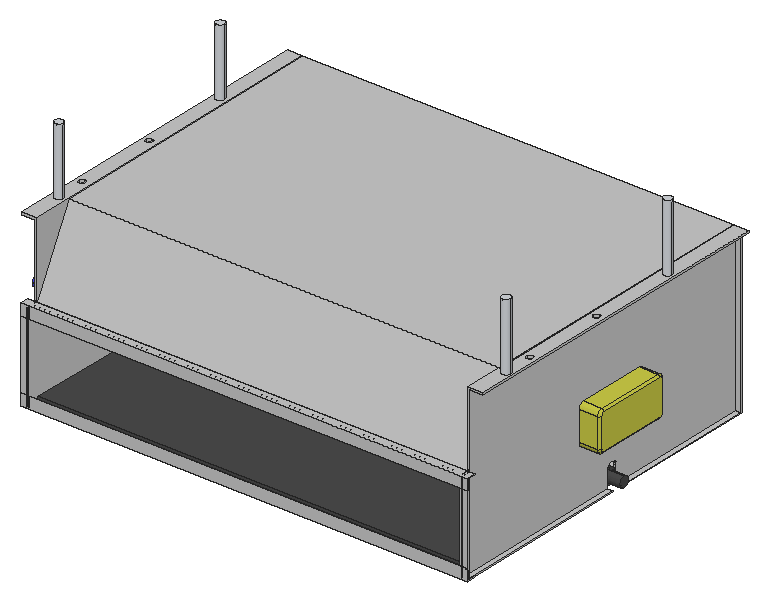
Revit family "Hitachi_RPIW-M-4-Pipes_LOD400", category Mechanical Equipment, Revit 2018
Family settings
  Round Connector Dimension = Use Diameter
  Part Type = Normal
  Work Plane-Based = No
  Always vertical = Yes
  Cut with Voids When Loaded = No
  Shared = No
  Room Calculation Point = Yes
Parameters (values of type "RPIW 134-M")
  hook = 12.7 mm
  data = "CRSLeCRSLECM_R0"  # constant formula
  Width [instance] = 689 mm
  Waste Water = 15 mm  # constant formula
  Voltage = 230 V  # constant formula
  URL = ""
  Speed Selection [instance] = if(Speed MIN, 1, if(Speed MED, 2, if(Speed MAX, 3, 1)))  # 2
  Speed MIN [instance] = no
  Speed MED [instance] = yes
  Speed MAX [instance] = no
  Show Service Space [instance] = no
  Service Space = 500 mm  # constant formula
  Manufacturer = "Hitachi Air Conditioning Europe SAS"  # constant formula
  Product Line = "RPIW-M"  # constant formula
  Plenum Code [instance] = 9069191
  Pipe Diam. = 1" / 2  # 1/2"
  Phase = 1  # constant formula
  Model = "RPIW-M"
  Height [instance] = 248 mm  # constant formula
  Heating/Cooling [instance] = no
  Heating Water Flow [instance] = 0.0 L/s
  Heating [instance] = if([2 Pipe], [Heating/Cooling], [2 Pipe])  # no
  Engine Absorption [instance] = 45 W
  E [instance] = Width - 44 mm  # 645 mm
  Distance Host [instance] = 100 mm
  Description = "Fan Coil Unit - RPIW-M"  # constant formula
  Depth [instance] = 511 mm
  DP Heating [instance] = 6815.63 Pa
  DP Cooling [instance] = 17420.1 Pa
  Cooling Water Flow = 0.0 L/s
  Cooling [instance] = if([2 Pipe], not([Heating/Cooling]), [4 Pipes])  # yes
  Available Pressure [instance] = 50.0 Pa
  Air Flow [instance] = 80.5556 L/s
  4 Pipes [instance] = not([2 Pipe])  # yes
  2 Pipe [instance] = no
Types (7, lengths in mm): name | Width | Plenum Code | Engine Absorption | E | DP Heating | DP Cooling | Air Flow
  RPIW 734-M | 1549 | 9069196 | 125 W | 1505 | 13656.3 Pa | 16406.3 Pa | 311.111 L/s
  RPIW 634-M | 1334 | 9069195 | 110 W | 1290 | 7391.51 Pa | 26744.9 Pa | 225.0 L/s
  RPIW 534-M | 1119 | 9066369 | 96 W | 1075 | 6733.87 Pa | 15662.1 Pa | 200.0 L/s
  RPIW 434-M | 1549 | 9069196 | 177 W | 1505 | 15789.2 Pa | 18845.8 Pa | 352.778 L/s
  RPIW 334-M | 1119 | 9066369 | 122 W | 1075 | 8178.42 Pa | 19379.1 Pa | 236.111 L/s
  RPIW 234-M | 904 | 9069222 | 87 W | 860 | 4334.15 Pa | 17653.0 Pa | 159.722 L/s
  RPIW 134-M | 689 | 9069191 | 45 W | 645 | 6815.63 Pa | 17420.1 Pa | 80.5556 L/s
Reference planes
  plane 1 "Centro (Fronte/Retro)": y = 0
  plane 2: z = 0
  plane 3 "Centro (Sinistra/Destra)": x = 0
  plane 4 "Sx": x = -344.5
  plane 5 "Dx": x = 344.5
  plane 6 "Back": y = 255.5
  plane 7 "Front": y = -255.5
  plane 8 "Sx attach": x = -349.5
  plane 9 "Dx Eolectical": x = 364.5
  plane 10 "Top": z = -100
  plane 11 "Down": z = -348
  plane 12 "Sx Service Space": x = -844.5
  plane 13 "Dx Service Space": x = 844.5
  plane 14 "Middle Machine": z = -224
  plane 15 "H": z = -335
  plane 16 "P": z = -311
  plane 17 "M": z = -269
  plane 18 "O": y = -193.5
  plane 19 "S": y = -208.5
  plane 20 "O1": z = -137
  plane 21 "R": z = -208
  plane 22: y = 23.5
  plane 23 "N": y = -11.5
  plane 24 "P1": y = -66.5
  plane 25 "T": z = -212
  plane 26 "Down Service Space": z = -848
  plane 27 "Back Service Space": y = 755.5
  plane 28 "Front Service Space": y = -755.5
  plane 29 "Base Attach": x = -324.5
Forms (mm)
  Extrusion 1, solid, material "Outlet"
    sketch origin (0, 0, 0) x (0, 1, 0) y (0, 0, 1)
      loop
        circle (-193.5, -137) r 6.35
    from -349.5 to -324.5
  Extrusion 2, solid, material "Outlet", visible <- "4 Pipes"
    sketch origin (0, 0, 0) x (0, 1, 0) y (0, 0, 1)
      loop
        circle (-208.5, -208) r 6.35
    from -349.5 to -324.5
  Extrusion 3, solid
    sketch origin (0, 0, 0) x (0, 1, 0) y (0, 0, 1)
      loop
        circle (23.5, -335) r 7.5
    from -349.5 to -344.5
  Extrusion 4, solid, material "Inlet"
    sketch origin (0, 0, 0) x (0, 1, 0) y (0, 0, 1)
      loop
        circle (-11.5, -269) r 6.35
    from -349.5 to -324.5
  Extrusion 5, solid, material "Inlet", visible <- "4 Pipes"
    sketch origin (0, 0, 0) x (0, 1, 0) y (0, 0, 1)
      loop
        circle (-66.5, -311) r 6.35
    from -349.5 to -324.5
  Extrusion 6, solid, not visible
    sketch origin (0, 0, 0) x (1, 0, 0) y (0, 0, 1)
      loop
        line (-322.5, -212) -> (-322.5, -331) -> (322.5, -331) -> (322.5, -212) -> (-322.5, -212)
    from -23.5 to 255.5
  Extrusion 7, solid, not visible
    sketch origin (0, 0, 0) x (1, 0, 0) y (0, 0, 1)
      loop
        line (-344.5, -100) -> (-344.5, -348) -> (344.5, -348) -> (344.5, -100) -> (-344.5, -100)
    from -255.5 to 0
  Extrusion 8, solid
    sketch origin (0, 0, 0) x (1, 0, 0) y (0, 1, 0)
      loop
        circle (334.5, 117.5) r 6.35
      loop
        circle (334.5, -184.5) r 6.35
      loop
        circle (-334.5, 117.5) r 6.35
      loop
        circle (-334.5, -184.5) r 6.35
    from -100 to 0
Dimensions and locks
  "Distance Host": level to plane 10 "Top"
  "Height": plane 10 "Top" to plane 11 "Down"
  equal spacing: plane 4 "Sx", plane 3 "Centro (Sinistra/Destra)", plane 5 "Dx"
  equal spacing: plane 6 "Back", plane 1 "Centro (Fronte/Retro)", plane 7 "Front"
  "Width": plane 4 "Sx" to plane 5 "Dx"
  "Depth": plane 7 "Front" to plane 6 "Back"
  locked: plane 8 "Sx attach" to plane 4 "Sx" at 5
  locked: plane 5 "Dx" to plane 9 "Dx Eolectical" at 20
  "Service Space": plane 12 "Sx Service Space" to plane 4 "Sx"
  "Service Space": plane 5 "Dx" to plane 13 "Dx Service Space"
  equal spacing: plane 10 "Top", plane 14 "Middle Machine", plane 11 "Down"
  locked: plane 10 "Top" to plane 15 "H" at 235
  locked: plane 10 "Top" to plane 16 "P" at 211
  locked: plane 10 "Top" to plane 17 "M" at 169
  locked: plane 6 "Back" to plane 19 "S" at 464
  locked: plane 6 "Back" to plane 18 "O" at 449
  locked: plane 10 "Top" to plane 21 "R" at 108
  locked: plane 10 "Top" to plane 20 "O1" at 37
  locked: plane 6 "Back" to plane 22 at 232
  locked: plane 6 "Back" to plane 23 "N" at 267
  locked: plane 6 "Back" to plane 24 "P1" at 322
  "Service Space": plane 11 "Down" to plane 26 "Down Service Space"
  nested 1 to plane 5 "Dx" = 344.5 mm
  "Service Space": plane 28 "Front Service Space" to plane 7 "Front"
  "Service Space": plane 27 "Back Service Space" to plane 6 "Back"
  equal spacing: Extrusion 6 sketch curve, plane 3 "Centro (Sinistra/Destra)", Extrusion 6 sketch curve
  "E": Extrusion 6 sketch curve to Extrusion 6 sketch curve
  locked: Extrusion 6 sketch curve to Extrusion 6 sketch curve at 119
  locked: Extrusion 6 sketch curve to plane 11 "Down" at 17
  locked: plane 29 "Base Attach" to plane 4 "Sx" at 20
  "Pipe Diam.": diameter of Extrusion 1 sketch curve
  "Pipe Diam.": diameter of Extrusion 2 sketch curve
  "Waste Water": diameter of Extrusion 3 sketch curve
  "Pipe Diam.": diameter of Extrusion 4 sketch curve
  "Pipe Diam.": diameter of Extrusion 5 sketch curve
  "hook": diameter of Extrusion 8 sketch curve  (x4)
  aligned and locked: level to plane 2
  aligned and locked: plane 18 "O" to Extrusion 1 sketch curve
  aligned and locked: Extrusion 1 sketch curve to plane 20 "O1"
  aligned and locked: plane 19 "S" to Extrusion 2 sketch curve
  aligned and locked: plane 21 "R" to Extrusion 2 sketch curve
  aligned and locked: plane 22 to Extrusion 3 sketch curve
  aligned and locked: plane 15 "H" to Extrusion 3 sketch curve
  aligned and locked: plane 23 "N" to Extrusion 4 sketch curve
  aligned and locked: plane 17 "M" to Extrusion 4 sketch curve
  aligned and locked: plane 24 "P1" to Extrusion 5 sketch curve
  aligned and locked: plane 16 "P" to Extrusion 5 sketch curve
  aligned and locked: Extrusion 1 to plane 8 "Sx attach"
  aligned and locked: Extrusion 2 to plane 8 "Sx attach"
  aligned and locked: Extrusion 4 to plane 8 "Sx attach"
  aligned and locked: Extrusion 5 to plane 8 "Sx attach"
  aligned and locked: plane 8 "Sx attach" to Extrusion 3
  aligned and locked: Extrusion 3 to plane 4 "Sx"
  aligned and locked: plane 12 "Sx Service Space" to nested 1
  aligned and locked: nested 1 to plane 13 "Dx Service Space"
  aligned and locked: plane 28 "Front Service Space" to nested 1
  aligned and locked: plane 27 "Back Service Space" to nested 1
  aligned and locked: nested 1 to plane 26 "Down Service Space"
  aligned and locked: plane 2 to nested 1
  aligned and locked: nested 2 to plane 10 "Top"
  aligned and locked: plane 6 "Back" to nested 2
  aligned and locked: nested 1 to nested 2
  aligned and locked: plane 5 "Dx" to nested 3
  aligned and locked: nested 1 to nested 3
  aligned and locked: plane 14 "Middle Machine" to nested 3
  aligned and locked: Extrusion 2 to Extrusion 1
  aligned and locked: Extrusion 4 to Extrusion 1
  aligned and locked: Extrusion 5 to Extrusion 2
  aligned and locked: Extrusion 6 to plane 22
  aligned and locked: Extrusion 6 to plane 7 "Front"
  aligned and locked: Extrusion 7 sketch curve to plane 10 "Top"
  aligned and locked: Extrusion 7 sketch curve to plane 11 "Down"
  aligned and locked: plane 5 "Dx" to Extrusion 7 sketch curve
  aligned and locked: Extrusion 7 sketch curve to plane 4 "Sx"
  aligned and locked: plane 1 "Centro (Fronte/Retro)" to Extrusion 7
  aligned and locked: plane 6 "Back" to Extrusion 7
  aligned and locked: Extrusion 3 to Extrusion 4
  aligned and locked: Extrusion 4 to Extrusion 5
  aligned and locked: Extrusion 1 to Extrusion 2
  aligned and locked: plane 29 "Base Attach" to Extrusion 1
  aligned and locked: nested 2 to Extrusion 8 sketch curve  (x8)
  aligned and locked: Extrusion 8 to plane 10 "Top"
  aligned and locked: level to Extrusion 8
Nested families
  nested 1: "ServiceSpace_O" at (0, 0, 0), visible <- "Show Service Space", type "ServiceSpace_O"
    with lenght 1689 mm, height 848 mm, depht 1511 mm
  nested 2: "Interior" at (0, 255.5, -280) x (1, 0, 0) z (0, -1, 0), D interior <- "Width", type "Geometry"
    with U Or T interior 112 mm, Height - H int 511 mm, H1 232 mm, H 235 mm, G interior 248 mm, F interior 669 mm, E interior 645 mm, D interior 689 mm
  nested 3: "Presa" at (359.5, 0, -224), type "Presa"
    with raggio 8 mm, Spessore 30 mm, Larghezza 120 mm, Altezza 60 mm
Connectors
  electrical at (374.5, 0, -224), driven by "Phase", driven by "Voltage", driven by "Engine Absorption"
    settings: on nested 3, index 1, voltage 230 V, apparent load 45 VA, apparent load phase1 0 VA, apparent load phase2 0 VA, apparent load phase3 0 VA, power factor 1, load classification "Riscaldamento, ventilazione e aria condizionata (HVAC)", number of poles 1, system type 30, power factor state 1, is connector primary yes, connector utility no, sub classification motor no, connector description ""
  hvac at (0, -255.5, -271.5), driven by "E", driven by "Air Flow"
    settings: on Extrusion 6, index 2, duct flow 80.5556 L/s, flow factor 0, pres drop 0.0 Pa, loss coef 0, conn angle 0.00°, conn width 645 mm, conn height 119 mm, conn diameter 609.6 mm, duct sys type 1, conn prof type 1, flow config 1, flow direction 2, loss method 0, conn ref index -1, conn util no, is conn primary yes, conn desc "Supply Air Flow"
  hvac at (0, 255.5, -224), driven by "E", driven by "Height"
    settings: on Extrusion 7, index 3, duct flow 0.0 L/s, flow factor 0, pres drop 0.0 Pa, loss coef 0, conn angle 0.00°, conn width 645 mm, conn height 248 mm, conn diameter 609.6 mm, duct sys type 3, conn prof type 1, flow config 2, flow direction 1, loss method 0, conn ref index -1, conn util no, is conn primary no, conn desc "Fresh Air Flow"
  piping at (-349.5, -208.5, -208), diameter 12.7, driven by "Pipe Diam.", driven by "Heating Water Flow", driven by "DP Heating"
    settings: on Extrusion 2, index 4, connector inside diameter 24", connector length 0 mm, flow factor 0, pipe flow 0.0 L/s, pressure drop 6815.63 Pa, fitting loss kfactor 0, connector angle 0.00°, fixture units 0, engagement length 0 mm, angle of deflection 0.00°, flow configuration 1, flow direction 2, fitting loss method 4, system type 8, joint type 0, gender type 0, connector reference index 7, connector utility 0, adjustable connector no, is connector primary no, connector description "Hydronic Retunr Heating"
  piping at (-349.5, -193.5, -137), diameter 12.7, driven by "Pipe Diam.", driven by "Cooling Water Flow", driven by "DP Cooling"
    settings: on Extrusion 1, index 5, connector inside diameter 24", connector length 0 mm, flow factor 0, pipe flow 0.0 L/s, pressure drop 17420.1 Pa, fitting loss kfactor 0, connector angle 0.00°, fixture units 0, engagement length 0 mm, angle of deflection 0.00°, flow configuration 1, flow direction 2, fitting loss method 4, system type 8, joint type 0, gender type 0, connector reference index 6, connector utility 0, adjustable connector no, is connector primary no, connector description "Hydronic Return Cooling"
  piping at (-349.5, -11.5, -269), diameter 12.7, driven by "Pipe Diam.", driven by "Cooling Water Flow"
    settings: on Extrusion 4, index 6, connector inside diameter 24", connector length 0 mm, flow factor 0, pipe flow 0.0 L/s, pressure drop 0.0 Pa, fitting loss kfactor 0, connector angle 0.00°, fixture units 0, engagement length 0 mm, angle of deflection 0.00°, flow configuration 1, flow direction 1, fitting loss method 0, system type 7, joint type 0, gender type 0, connector reference index 5, connector utility 0, adjustable connector no, is connector primary yes, connector description "Hydronic Supply Cooling"
  piping at (-349.5, -66.5, -311), diameter 12.7, driven by "Pipe Diam.", driven by "Heating Water Flow"
    settings: on Extrusion 5, index 7, connector inside diameter 24", connector length 0 mm, flow factor 0, pipe flow 0.0 L/s, pressure drop 0.0 Pa, fitting loss kfactor 0, connector angle 0.00°, fixture units 0, engagement length 0 mm, angle of deflection 0.00°, flow configuration 1, flow direction 1, fitting loss method 4, system type 7, joint type 0, gender type 0, connector reference index 4, connector utility 0, adjustable connector no, is connector primary no, connector description "Hydronic Supply Heating"
  piping at (-349.5, 23.5, -335), diameter 15, driven by "Waste Water"
    settings: on Extrusion 3, index 8, connector inside diameter 24", connector length 0 mm, flow factor 0, pipe flow 0.0 L/s, pressure drop 0.0 Pa, fitting loss kfactor 0, connector angle 0.00°, fixture units 0, engagement length 0 mm, angle of deflection 0.00°, flow configuration 3, flow direction 2, fitting loss method 0, system type 16, joint type 0, gender type 0, connector reference index -1, connector utility 0, adjustable connector no, is connector primary no, connector description "Condensate Drain"
Definition of nested family "ServiceSpace_O"
  Parameters (values of type "ServiceSpace_O")
    lenght [instance] = 2000 mm
    height [instance] = 500 mm
    depht [instance] = 2000 mm
    ServiceSpace = none
  Reference planes
    plane 1 "Centro (Fronte/Retro)": y = 0
    plane 2: z = 0
    plane 3 "Centro (Sinistra/Destra)": x = 0
    plane 4: x = -1000
    plane 5: x = 1000
    plane 6: y = 1000
    plane 7: y = -1000
    plane 8: z = -500
  Forms (mm)
    Extrusion 1, solid, material <- "ServiceSpace"
      sketch origin (0, 0, 0) x (1, 0, 0) y (0, 1, 0)
        loop
          line (-1000, 1000) -> (-1000, -1000) -> (1000, -1000) -> (1000, 1000) -> (-1000, 1000)
      from -500 to 0
  Dimensions and locks
    equal spacing: plane 6, plane 1 "Centro (Fronte/Retro)", plane 7
    "depht": plane 6 to plane 7
    equal spacing: plane 4, plane 3 "Centro (Sinistra/Destra)", plane 5
    "lenght": plane 4 to plane 5
    "height": plane 2 to plane 8
    aligned and locked: level to plane 2
    aligned and locked: Extrusion 1 to plane 4
    aligned and locked: plane 6 to Extrusion 1
    aligned and locked: Extrusion 1 to plane 5
    aligned and locked: plane 7 to Extrusion 1
    aligned and locked: plane 2 to Extrusion 1
    aligned and locked: plane 8 to Extrusion 1
    aligned and locked: level to Extrusion 1
  Automatic sketch dimensions
    plane 4 to Extrusion 1 sketch curve = 0 mm
    plane 5 to Extrusion 1 sketch curve = 0 mm
    plane 1 "Centro (Fronte/Retro)" to Extrusion 1 sketch curve = 1000 mm
    Extrusion 1 sketch curve to plane 6 = 0 mm
Definition of nested family "Interior"
  Parameters (values of type "Geometry")
    spessore = 3 mm
    taglio dietro H = 15 mm  # constant formula
    material plastic = none
    r = 5 mm
    material metal = none
    U Or T interior [instance] = 55 mm
    Height - H int [instance] = 511 mm
    H1 [instance] = 230 mm
    H [instance] = 205 mm
    F interior [instance] = D interior - ((D interior - E interior) / 2) + 2 mm  # 669 mm
    E interior [instance] = D interior - 44 mm  # 645 mm
    G interior [instance] = 218 mm
    D interior [instance] = 689 mm
  Reference planes
    plane 1 "Centro (Fronte/Retro)": y = 0
    plane 2: z = 0
    plane 3 "Centro (Sinistra/Destra)": x = 0
    plane 4 "Edx": x = 322.5
    plane 5 "Esx": x = -322.5
    plane 6: y = -81.5
    plane 7: y = 136.5
    plane 8 "Ddx": x = 344.5
    plane 9 "Dsx": x = -344.5
    plane 10 "top": z = 511
    plane 11 "retro-bocca mandata": y = 81.5
    plane 12 "top-abbassamento": z = 496
    plane 13: z = 506.371
    plane 14: z = 440
    plane 15: z = 396
    plane 16: z = 271
    plane 17: z = 138
    plane 18 "Fsx": x = -334.5
    plane 19 "Fdx": x = 334.5
    plane 20 "pianoscarico": z = 220
    plane 21: z = 10
    plane 22: y = -74.5
    plane 23: z = 230
    plane 24: y = -68.5
  Forms (mm)
    Extrusion 1, solid, material <- "material metal", detail levels fine
      sketch origin (0, 0, 0) x (1, 0, 0) y (0, 1, 0)
        loop
          line (344.5, 136.5) -> (322.5, 136.5) -> (322.5, -81.5) -> (325.5, -81.5) -> (325.5, 133.5) -> (344.5, 133.5) -> (344.5, 136.5)
        loop
          line (-344.5, 136.5) -> (-344.5, 133.5) -> (-325.5, 133.5) -> (-325.5, -81.5) -> (-322.5, -81.5) -> (-322.5, 136.5) -> (-344.5, 136.5)
      from 0 to 511
    Extrusion 2, void
      sketch origin (0, 0, 0) x (0, 1, 0) y (0, 0, 1)
        loop
          line (81.5, 511) -> (81.5, 496) -> (136.5, 496) -> (136.5, 511) -> (81.5, 511)
      from -344.5 to 344.5
    Extrusion 3, void
      sketch origin (0, 0, 0) x (1, 0, 0) y (0, 0, 1)
        loop
          circle (-334.5, 440) r 5
        loop
          circle (-334.5, 396) r 5
        loop
          circle (-334.5, 271) r 5
        loop
          circle (-334.5, 138) r 5
        loop
          circle (334.5, 440) r 5
        loop
          circle (334.5, 396) r 5
        loop
          circle (334.5, 271) r 5
        loop
          circle (334.5, 138) r 5
      from -136.5 to 81.5
    Sweep 4, solid, material <- "material metal", detail levels fine
      path origin (12.953, -69.154, 511) x (-1, 0, 0) y (0, -1, 0)
        loop
          line (347.453, 12.346) -> (-321.547, 12.346)
      profile origin (0, -81.5, 511) x (0, 1, 0) y (0, 0, 1)
        loop
          line (16, 0) -> (16, 1) -> (-1, 1) -> (-1, -13) -> (0, -13) -> (0, 0) -> (16, 0)
    Sweep 5, solid, material <- "material metal", detail levels fine
      path origin (12.953, -37.302, 511) x (-1, 0, 0) y (0, 1, 0)
        loop
          line (347.453, 118.802) -> (-321.547, 118.802)
      profile origin (0, 81.5, 511) x (0, 1, 0) y (0, 0, 1)
        loop
          line (-16, 0) -> (0, 0) -> (0, -13) -> (1, -13) -> (1, 1) -> (-16, 1) -> (-16, 0)
    Sweep 6, solid, material <- "material metal", detail levels fine
      path origin (0, 0, 0) x (0, 1, 0) y (0, 0, 1)
        loop
          line (136.5, 0) -> (136.5, 466.756) -> (81.5, 496) -> (81.5, 506.371)
      profile origin (0, 136.5, 233.378) x (0, -1, 0) y (1, 0, 0)
        loop
          line (0, -322.5) -> (1, -322.5) -> (1, 322.5) -> (0, 322.5) -> (0, -322.5)
    Sweep 7, solid, material <- "material metal", detail levels fine
      path in 3D
        loop
          line (325.5, 133.5, 0) -> (325.5, -81.5, 0) -> (325.5, -81.5, 511) -> (325.5, 81.5, 511)
      profile origin (325.5, 0, 511) x (-1, 0, 0) y (0, 0, 1)
        loop
          line (0, 0) -> (-9, 0) -> (-9, -1) -> (0, -1) -> (0, 0)
    Sweep 8, solid, material <- "material metal", detail levels fine
      path in 3D
        loop
          line (-325.5, 81.5, 511) -> (-325.5, -81.5, 511) -> (-325.5, -81.5, 0) -> (-325.5, 133.5, 0)
      profile origin (-325.5, 0, 511) x (1, 0, 0) y (0, 0, 1)
        loop
          line (0, 0) -> (-9, 0) -> (-9, -1) -> (0, -1) -> (0, 0)
    Sweep 9, solid, material <- "material metal", detail levels fine
      path origin (0, 0, 0) x (0, 1, 0) y (0, 0, 1)
        loop
          line (-66.5, 10) -> (-81.5, 10) -> (-81.5, 220) -> (-66.5, 220)
      profile origin (0, -81.5, 115) x (0, -1, 0) y (1, 0, 0)
        loop
          line (0, -322.5) -> (0, 322.5) -> (-1, 322.5) -> (-1, -322.5) -> (0, -322.5)
    Extrusion 10, solid, material <- "material plastic", detail levels fine
      sketch origin (0, 0, 0) x (0, 1, 0) y (0, 0, 1)
        loop
          circle (-68.5, 230) r 7.5
      from -344.5 to 344.5
    Sweep 11, solid, material <- "material plastic", detail levels fine
      path origin (0, 0, 0) x (0, 1, 0) y (0, 0, 1)
        loop
          line (-71.836, 496) -> (-76.334, 230.133)
          arc (-76.334, 230.133) -> (-68.633, 222.166) -> (-60.666, 229.867) r 7.835
      profile origin (0, -74.085, 363.066) x (0, 0.999857, -0.016916) y (1, 0, 0)
        loop
          line (-3.277, -322.5) -> (0, -322.5) -> (0, 322.5) -> (-3.277, 322.5) -> (-3.277, -322.5)
    Extrusion 12, void
      sketch origin (0, 0, 0) x (0, 1, 0) y (0, 0, 1)
        loop
          line (-81.5, 238.376) -> (-81.5, 221.624) -> (-55.5, 221.624)
          arc (-55.5, 221.624) -> (-47.124, 230) -> (-55.5, 238.376) r 8.376
          line (-55.5, 238.376) -> (-81.5, 238.376)
      from -344.5 to 344.5
    Extrusion 13, solid, detail levels coarse+medium
      sketch origin (0, 0, 0) x (1, 0, 0) y (0, 1, 0)
        loop
          line (-344.5, 136.5) -> (-344.5, -81.5) -> (344.5, -81.5) -> (344.5, 136.5) -> (-344.5, 136.5)
      from 0 to 511
  Cuts and joins
    Extrusion 2, Extrusion 3, Extrusion 12 cuts Extrusion 1
    joined: Extrusion 10, Sweep 11
    Extrusion 12 cuts Sweep 7
    Extrusion 12 cuts Sweep 8
  Lines and regions (mm)
    sketch lines
      curve 1: line (325.5, -81.5, 511) -> (325.5, 81.5, 511)
      curve 2: line (325.5, -81.5, 511) -> (325.5, -81.5, 0)
      curve 3: line (325.5, 133.5, 0) -> (325.5, -81.5, 0)
      curve 4: line (-325.5, 81.5, 511) -> (-325.5, -81.5, 511)
      curve 5: line (-325.5, -81.5, 511) -> (-325.5, -81.5, 0)
      curve 6: line (-325.5, -81.5, 0) -> (-325.5, 133.5, 0)
  Dimensions and locks
    equal spacing: plane 18 "Fsx", plane 3 "Centro (Sinistra/Destra)", plane 19 "Fdx"
    "F interior": plane 18 "Fsx" to plane 19 "Fdx"
    "spessore": Extrusion 1 sketch curve to plane 7  (x2)
    "spessore": plane 4 "Edx" to Extrusion 1 sketch curve
    "spessore": Extrusion 1 sketch curve to plane 5 "Esx"
    "Height - H int": plane 10 "top" to level
    "taglio dietro H": plane 10 "top" to plane 12 "top-abbassamento"
    locked: plane 10 "top" to plane 13 at 4.629
    plane 10 "top" to plane 14 to plane 15 to plane 16 to plane 17 = 71 mm locked, 44 mm locked, 125 mm locked, 133 mm locked
    "D interior": plane 9 "Dsx" to plane 8 "Ddx"
    equal spacing: plane 9 "Dsx", plane 3 "Centro (Sinistra/Destra)", plane 8 "Ddx"
    equal spacing: plane 5 "Esx", plane 3 "Centro (Sinistra/Destra)", plane 4 "Edx"
    "E interior": plane 5 "Esx" to plane 4 "Edx"
    locked: Sweep 6 sketch curve to plane 7 at 1
    locked: profile plane to Sweep 7 sketch curve at 1
    locked: profile plane to Sweep 8 sketch curve at 1
    locked: plane 20 "pianoscarico" to level at 220
    plane 21 to level = 10 mm
    locked: plane 6 to Sweep 9 sketch curve at 15  (x2)
    locked: Sweep 9 sketch curve to plane 6 at 1
    locked: plane 6 to plane 22 at 7
    "H1": plane 23 to level
    "H": plane 24 to plane 7
    equal spacing: Extrusion 12 sketch curve, plane 23, Extrusion 12 sketch curve
    locked: Extrusion 12 sketch curve to Extrusion 12 sketch curve at 16.751
    equal spacing: Extrusion 12 sketch curve, plane 24, Extrusion 12 sketch curve
    equal spacing: plane 11 "retro-bocca mandata", plane 1 "Centro (Fronte/Retro)", plane 6
    "U Or T interior": plane 11 "retro-bocca mandata" to plane 7
    "G interior": plane 7 to plane 6
    locked: Sweep 11 sketch curve to Sweep 11 sketch curve at 3.277
    "r": radius of Extrusion 3 sketch curve  (x8)
    diameter of Extrusion 10 sketch curve = 15 mm
    locked: Sweep 6 sketch curve to plane 11 "retro-bocca mandata" (angle 118.00°)
    aligned and locked: level to plane 2
    aligned and locked: Extrusion 1 sketch curve to plane 7
    aligned and locked: Extrusion 1 sketch curve to plane 4 "Edx"
    aligned and locked: Extrusion 1 sketch curve to plane 5 "Esx"
    aligned and locked: plane 7 to Extrusion 1 sketch curve
    aligned and locked: Extrusion 1 sketch curve to plane 8 "Ddx"
    aligned and locked: Extrusion 1 sketch curve to plane 9 "Dsx"
    aligned and locked: plane 10 "top" to Extrusion 1
    aligned and locked: Extrusion 1 to level
    aligned and locked: Extrusion 2 sketch curve to plane 10 "top"
    aligned and locked: plane 11 "retro-bocca mandata" to Extrusion 2 sketch curve
    aligned and locked: plane 12 "top-abbassamento" to Extrusion 2 sketch curve
    aligned and locked: plane 7 to Extrusion 2 sketch curve
    aligned and locked: Extrusion 2 to plane 9 "Dsx"
    aligned and locked: plane 8 "Ddx" to Extrusion 2
    aligned and locked: plane 18 "Fsx" to Extrusion 3 sketch curve  (x4)
    aligned and locked: plane 14 to Extrusion 3 sketch curve
    aligned and locked: plane 15 to Extrusion 3 sketch curve
    aligned and locked: plane 16 to Extrusion 3 sketch curve
    aligned and locked: plane 17 to Extrusion 3 sketch curve
    aligned and locked: Extrusion 3 to plane 6
    aligned and locked: Extrusion 3 to plane 7
    aligned and locked: Sweep 5 sketch curve to plane 11 "retro-bocca mandata"
    aligned and locked: Sweep 6 sketch curve to plane 7
    aligned and locked: plane 11 "retro-bocca mandata" to Sweep 6 sketch curve
    aligned and locked: plane 13 to Sweep 6 sketch curve
    aligned and locked: level to Sweep 6 sketch curve
    aligned and locked: Sweep 6 sketch curve to profile plane
    aligned and locked: plane 5 "Esx" to Sweep 6 sketch curve
    aligned and locked: Sweep 6 sketch curve to plane 4 "Edx"
    aligned and locked: plane 19 "Fdx" to Sweep 5 sketch curve
    aligned and locked: plane 18 "Fsx" to Sweep 5 sketch curve
    aligned and locked: plane 18 "Fsx" to Sweep 4 sketch curve
    aligned and locked: plane 19 "Fdx" to Sweep 4 sketch curve
    aligned and locked: Sweep 4 sketch curve to plane 6
    aligned and locked: plane 6 to Extrusion 1 sketch curve
    aligned and locked: Extrusion 1 sketch curve to plane 6
    aligned and locked: profile plane to Sweep 7 sketch curve
    aligned and locked: Sweep 7 sketch curve to plane 19 "Fdx"
    aligned and locked: Sweep 7 sketch curve to profile plane
    aligned and locked: profile plane to Sweep 8 sketch curve
    aligned and locked: Sweep 8 sketch curve to profile plane
    aligned and locked: Sweep 8 sketch curve to plane 18 "Fsx"
    aligned and locked: Sweep 9 sketch curve to plane 20 "pianoscarico"
    aligned and locked: plane 6 to Sweep 9 sketch curve
    aligned and locked: plane 21 to Sweep 9 sketch curve
    aligned and locked: cut or joined group of Extrusion 1, Extrusion 2, Extrusion 3, Extrusion 12 to Sweep 9 sketch curve
    aligned and locked: Sweep 9 sketch curve to cut or joined group of Extrusion 1, Extrusion 2, Extrusion 3, Extrusion 12
    aligned and locked: plane 4 "Edx" to Sweep 9 sketch curve
    aligned and locked: Extrusion 10 to plane 9 "Dsx"
    aligned and locked: plane 8 "Ddx" to Extrusion 10
    aligned and locked: plane 12 "top-abbassamento" to Sweep 11 sketch curve
    aligned and locked: plane 5 "Esx" to Sweep 11 sketch curve
    aligned and locked: Sweep 11 sketch curve to plane 4 "Edx"
    aligned and locked: Extrusion 10 sketch curve to plane 23
    aligned and locked: plane 24 to Extrusion 10 sketch curve
    aligned and locked: Extrusion 12 to plane 9 "Dsx"
    aligned and locked: plane 8 "Ddx" to Extrusion 12
    aligned and locked: Extrusion 12 sketch curve to plane 6
    aligned and locked: plane 24 to Sweep 11 sketch curve
    aligned and locked: Sweep 11 sketch curve to plane 23
    aligned and locked: profile plane to Sweep 11 sketch curve
    aligned and locked: plane 7 to Extrusion 13 sketch curve
    aligned and locked: Extrusion 13 sketch curve to plane 8 "Ddx"
    aligned and locked: plane 6 to Extrusion 13 sketch curve
    aligned and locked: plane 9 "Dsx" to Extrusion 13 sketch curve
    aligned and locked: plane 10 "top" to Extrusion 13
    aligned and locked: Extrusion 13 to level
  Automatic sketch dimensions
    Sweep 6 sketch curve to plane 12 "top-abbassamento" = 0 mm
    Sweep 4 sketch curve to plane 10 "top" = 0 mm
    Sweep 4 sketch curve to profile plane = 0 mm
    profile plane to Sweep 4 sketch curve = 1 mm
    plane 10 "top" to Sweep 4 sketch curve = 1 mm
    Sweep 4 sketch curve to profile plane = 16 mm
    Sweep 4 sketch curve to plane 10 "top" = 13 mm
    Sweep 5 sketch curve to plane 10 "top" = 0 mm
    Sweep 5 sketch curve to profile plane = 0 mm
    plane 10 "top" to Sweep 5 sketch curve = 1 mm
    profile plane to Sweep 5 sketch curve = 16 mm
    Sweep 5 sketch curve to profile plane = 1 mm
    Sweep 5 sketch curve to plane 10 "top" = 13 mm
    plane 23 to Sweep 11 sketch curve = 0.133 mm
    Sweep 11 sketch curve to plane 22 = 1.834 mm
    Sweep 11 sketch curve to plane 23 = 0.133 mm
    Extrusion 3 sketch curve to plane 15 = 0 mm
    Extrusion 3 sketch curve to plane 19 "Fdx" = 0 mm  (x4)
    Extrusion 3 sketch curve to plane 16 = 0 mm
    Extrusion 3 sketch curve to plane 17 = 0 mm
    Extrusion 3 sketch curve to plane 14 = 0 mm
Definition of nested family "Presa"
  Parameters (values of type "Presa")
    raggio [instance] = 8 mm
    mat = none
    Spessore [instance] = 30 mm
    Larghezza [instance] = 120 mm
    Altezza [instance] = 60 mm
  Reference planes
    plane 1 "Centro (Fronte/Retro)": y = 0
    plane 2: z = 0
    plane 3 "Centro (Sinistra/Destra)": x = 0
    plane 4 "Appoggio": x = -15
    plane 5 "Davanti": x = 15
    plane 6 "back": y = 60
    plane 7 "Front": y = -60
    plane 8 "Top": z = 30
    plane 9 "Down": z = -30
  Forms (mm)
    Extrusion 1, solid, material <- "mat"
      sketch origin (-14.5, 0, 0) x (0, -1, 0) y (0, 0, -1)
        loop
          arc (-52, 30) -> (-57.657, 27.657) -> (-60, 22) r 8
          line (-60, 22) -> (-60, -22)
          arc (-60, -22) -> (-57.657, -27.657) -> (-52, -30) r 8
          line (-52, -30) -> (52, -30)
          arc (52, -30) -> (57.657, -27.657) -> (60, -22) r 8
          line (60, -22) -> (60, 22)
          arc (60, 22) -> (57.657, 27.657) -> (52, 30) r 8
          line (52, 30) -> (-52, 30)
      from -0.5 to 29.5
    Sweep 2, void
      path in 3D
        loop
          arc (15, -52, 30) -> (15, -57.657, 27.657) -> (15, -60, 22) r 8
          line (15, -60, 22) -> (15, -60, -22)
          arc (15, -60, -22) -> (15, -57.657, -27.657) -> (15, -52, -30) r 8
          line (15, -52, -30) -> (15, 52, -30)
          arc (15, 52, -30) -> (15, 57.657, -27.657) -> (15, 60, -22) r 8
          line (15, 60, -22) -> (15, 60, 22)
          arc (15, 60, 22) -> (15, 57.657, 27.657) -> (15, 52, 30) r 8
          line (15, 52, 30) -> (15, -52, 30)
      profile origin (15, 0, 30) x (1, 0, 0) y (0, 0, 1)
        loop
          line (-7.685, 5.602) -> (3.772, -7.578) -> (4.429, 4.967) -> (-7.685, 5.602)
  Cuts and joins
    Sweep 2 cuts Extrusion 1
  Lines and regions (mm)
    sketch lines
      curve 1: line (15, 52, 30) -> (15, -52, 30)
      curve 2: arc (15, 52, 30) -> (15, 57.657, 27.657) -> (15, 60, 22) r 8
      curve 3: arc (15, 60, -22) -> (15, 57.657, -27.657) -> (15, 52, -30) r 8
      curve 4: line (15, 60, -22) -> (15, 60, 22)
      curve 5: line (15, -52, -30) -> (15, 52, -30)
      curve 6: arc (15, -52, -30) -> (15, -57.657, -27.657) -> (15, -60, -22) r 8
      curve 7: line (15, -60, 22) -> (15, -60, -22)
      curve 8: arc (15, -60, 22) -> (15, -57.657, 27.657) -> (15, -52, 30) r 8
  Dimensions and locks
    equal spacing: plane 4 "Appoggio", plane 3 "Centro (Sinistra/Destra)", plane 5 "Davanti"
    "Spessore": plane 4 "Appoggio" to plane 5 "Davanti"
    equal spacing: plane 7 "Front", plane 1 "Centro (Fronte/Retro)", plane 6 "back"
    "Larghezza": plane 7 "Front" to plane 6 "back"
    equal spacing: plane 8 "Top", level, plane 9 "Down"
    "Altezza": plane 8 "Top" to plane 9 "Down"
    "raggio": radius of Extrusion 1 sketch curve  (x4)
    aligned and locked: level to plane 2
    aligned and locked: plane 7 "Front" to Extrusion 1 sketch curve
    aligned and locked: plane 6 "back" to Extrusion 1 sketch curve
    aligned and locked: Extrusion 1 sketch curve to plane 9 "Down"
    aligned and locked: Extrusion 1 sketch curve to plane 8 "Top"
    aligned and locked: Extrusion 1 to plane 4 "Appoggio"
    aligned and locked: Extrusion 1 to plane 5 "Davanti"
  Automatic sketch dimensions
    Sweep 2 sketch curve to profile plane = 3.772 mm
    Sweep 2 sketch curve to profile plane = 7.578 mm
    Sweep 2 sketch curve to profile plane = 4.429 mm
    profile plane to Sweep 2 sketch curve = 4.967 mm
    profile plane to Sweep 2 sketch curve = 5.602 mm
